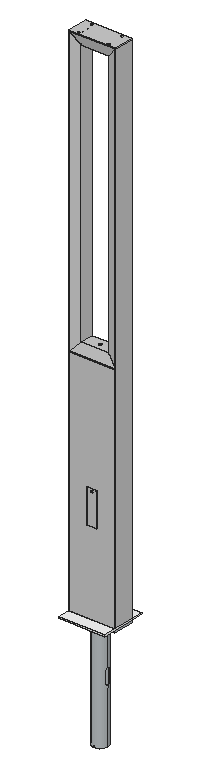
Revit family "BE_99075_de_DE", category Leuchten, Revit 2015 (continued)
Definition of nested family "BE_99075"
  Automatic sketch dimensions
    plane 1 "Mitte (Oben/Unten)" to Extrusion 27 sketch curve = 90 mm
    Extrusion 27 sketch curve to Extrusion 27 sketch curve = 5.271 mm  (x2)
    plane 1 "Mitte (Oben/Unten)" to Extrusion 27 sketch curve = 60 mm
    Extrusion 27 sketch curve to plane 1 "Mitte (Oben/Unten)" = 60 mm
    Extrusion 27 sketch curve to Extrusion 27 sketch curve = 24.729 mm
    level to Extrusion 27 sketch curve = 4410 mm
    Extrusion 27 sketch curve to Extrusion 27 sketch curve = 0 mm
    Extrusion 27 sketch curve to Extrusion 27 sketch curve = 15.811 mm  (x2)
    Extrusion 27 sketch curve to Extrusion 27 sketch curve = 74.189 mm  (x2)
    Extrusion 28 sketch curve to plane 3 "Mitte (Links/Rechts)" = 200.3 mm
    plane 3 "Mitte (Links/Rechts)" to Extrusion 28 sketch curve = 200.3 mm
    level to Extrusion 28 sketch curve = 4500 mm
    Extrusion 28 sketch curve to Extrusion 28 sketch curve = 8 mm
    Extrusion 29 sketch curve to plane 1 "Mitte (Oben/Unten)" = 90 mm
    Extrusion 29 sketch curve to Extrusion 29 sketch curve = 4.5 mm  (x2)
    Extrusion 29 sketch curve to Extrusion 29 sketch curve = 4.2 mm
    Extrusion 29 sketch curve to Extrusion 29 sketch curve = 4.781 mm  (x2)
    Extrusion 29 sketch curve to plane 1 "Mitte (Oben/Unten)" = 60 mm
    Extrusion 29 sketch curve to Extrusion 29 sketch curve = 5 mm  (x2)
    plane 1 "Mitte (Oben/Unten)" to Extrusion 29 sketch curve = 55 mm
    Extrusion 29 sketch curve to Extrusion 29 sketch curve = 25.719 mm
    Extrusion 29 sketch curve to Extrusion 29 sketch curve = 0.582 mm
    Extrusion 29 sketch curve to level = 2100.2 mm
    Extrusion 29 sketch curve to Extrusion 29 sketch curve = 12 mm
    Extrusion 29 sketch curve to Extrusion 29 sketch curve = 68.075 mm  (x2)
    Extrusion 29 sketch curve to Extrusion 29 sketch curve = 8.27 mm  (x2)
    Extrusion 29 sketch curve to Extrusion 29 sketch curve = 1.654 mm  (x2)
    Extrusion 29 sketch curve to Extrusion 29 sketch curve = 15 mm  (x2)
    Extrusion 30 sketch curve to level = 0 mm  (x2)
    plane 1 "Mitte (Oben/Unten)" to Extrusion 30 sketch curve = 90 mm
    Extrusion 30 sketch curve to Extrusion 30 sketch curve = 4 mm  (x2)
    Extrusion 30 sketch curve to plane 1 "Mitte (Oben/Unten)" = 86 mm
    Extrusion 30 sketch curve to Extrusion 30 sketch curve = 2010 mm
    Extrusion 30 sketch curve to Extrusion 30 sketch curve = 0 mm
    Sweep 31 sketch curve to plane 3 "Mitte (Links/Rechts)" = 119.7 mm
    plane 3 "Mitte (Links/Rechts)" to Sweep 31 sketch curve = 119.7 mm
    plane 1 "Mitte (Oben/Unten)" to Sweep 31 sketch curve = 60 mm
    Sweep 31 sketch curve to plane 1 "Mitte (Oben/Unten)" = 60 mm
    Sweep 31 sketch curve to profile plane = 0 mm
    profile plane to Sweep 31 sketch curve = 7.244 mm
    Sweep 31 sketch curve to Sweep 31 sketch curve = 1.456 mm
    Sweep 31 sketch curve to Sweep 31 sketch curve = 4.326 mm
    Sweep 31 sketch curve to Sweep 31 sketch curve = 4.5 mm
    level to Sweep 31 sketch curve = 4410 mm
    Sweep 31 sketch curve to Sweep 31 sketch curve = 4 mm
    Sweep 31 sketch curve to Sweep 31 sketch curve = 5 mm
    Extrusion 32 sketch curve to plane 3 "Mitte (Links/Rechts)" = 44.984 mm
    Extrusion 32 sketch curve to plane 3 "Mitte (Links/Rechts)" = 41 mm
    Extrusion 32 sketch curve to Extrusion 32 sketch curve = 3.984 mm  (x4)
    Extrusion 32 sketch curve to Extrusion 32 sketch curve = 0.353 mm  (x2)
    plane 3 "Mitte (Links/Rechts)" to Extrusion 32 sketch curve = 41 mm  (x2)
    Extrusion 32 sketch curve to Extrusion 32 sketch curve = 0.012 mm
    level to Extrusion 32 sketch curve = 720.587 mm
    Extrusion 32 sketch curve to Extrusion 32 sketch curve = 0.016 mm
    Extrusion 32 sketch curve to Extrusion 32 sketch curve = 4 mm
    Extrusion 32 sketch curve to Extrusion 32 sketch curve = 287.292 mm
    Extrusion 32 sketch curve to Extrusion 32 sketch curve = 0.354 mm  (x2)
    Extrusion 32 sketch curve to Extrusion 32 sketch curve = 0 mm  (x6)
    plane 1 "Mitte (Oben/Unten)" to Revolve 33 sketch curve = 90 mm
    Revolve 33 sketch curve to Revolve 33 sketch curve = 18 mm
    Revolve 33 sketch curve to Revolve 33 sketch curve = 0.498 mm
    Revolve 33 sketch curve to Revolve 33 sketch curve = 0.5 mm
    Revolve 33 sketch curve to Revolve 33 sketch curve = 3.5 mm
    level to Revolve 33 sketch curve = 999.85 mm
    Revolve 33 sketch curve to Revolve 33 sketch curve = 0.031 mm
    Revolve 33 sketch curve to Revolve 33 sketch curve = 3.469 mm
    Revolve 33 sketch curve to Revolve 33 sketch curve = 0.124 mm
    Revolve 33 sketch curve to Revolve 33 sketch curve = 0.314 mm
    Revolve 33 sketch curve to Revolve 33 sketch curve = 3 mm
    Revolve 33 sketch curve to Revolve 33 sketch curve = 2.971 mm
    Revolve 33 sketch curve to Revolve 33 sketch curve = 0 mm  (x3)
    Revolve 33 sketch curve to Revolve 33 sketch curve = 8.618 mm
    Revolve 33 sketch curve to Revolve 33 sketch curve = 9.064 mm
Types (4, lengths in mm): name | built-in parameter 1150104 | built-in parameter 1150134 | Modell | M_G | M_A | built-in parameter 1150105 | Lumens | Leuchtenlichtstrom | Lampenlichtstrom | LED_Modulbezeichnung | built-in parameter 1150142 | Farbtemperatur | Datei für fotometrisches Netz | Bestellnummer | built-in parameter 1150106 | built-in parameter 1150107
  BEGA_99075_Silber_K3 | 16.775 (stored number, unit not read) | (empty or 0) | "99075AK3" | no | yes | 510.08 (stored number, unit not read) | 6409.88 lm | "3615 lm" | "6410 lm" | "LED-0315/830" | "IESNA:LM-63-1995\r\n[TEST] \r\n[MANUFAC] BEGA\r\n[MORE] Converted by LUMCat V \r\n[MORE] 07.12.2016 / H.R.\r\n[LUMCAT] \r\n[LUMINAIRE] 99075K3 0°\r\n[LAMPCAT] LED  35,5W\r\n[LAMPCAT] LED  35,5W    3615 lm,   42 W\r\n[LAMP] LED  35,5W\r\nTILT=NONE\r\n1    3615 1.0 73 19 1 2 0.100 0.220 0.000\r\n1.0 1.0 42\r\n   0.0   2.5   5.0   7.5  10.0  12.5  15.0  17.5  20.0  22.5  25.0  27.5  30.0\r\n  32.5  35.0  37.5  40.0  42.5  45.0  47.5  50.0  52.5  55.0  57.5  60.0  62.5\r\n  65.0  67.5  70.0  72.5  75.0  77.5  80.0  82.5  85.0  87.5  90.0  92.5  95.0\r\n  97.5 100.0 102.5 105.0 107.5 110.0 112.5 115.0 117.5 120.0 122.5 125.0 127.5\r\n 130.0 132.5 135.0 137.5 140.0 142.5 145.0 147.5 150.0 152.5 155.0 157.5 160.0\r\n 162.5 165.0 167.5 170.0 172.5 175.0 177.5 180.0\r\n   0.0   5.0  10.0  15.0  20.0  25.0  30.0  35.0  40.0  45.0  50.0  55.0  60.0\r\n  65.0  70.0  75.0  80.0  85.0  90.0\r\n       2.9       6.6     132.9     452.5     554.3     376.1     194.1      65.7\r\n      39.3      34.3      30.3      24.0      18.3      13.9      10.3       7.6\r\n       5.6       4.2       3.2       2.3       1.6       1.1       0.6       0.3\r\n       0.2       0.1       0.0       0.1       0.1       0.0       0.1       0.0\r\n       0.1       0.0       0.1       0.1       0.0       0.1       0.1       0.0\r\n       0.1       0.1       0.0       0.0       0.0       0.0       0.0       0.0\r\n       0.0       0.0       0.0       0.0       0.0       0.0       0.1       0.0\r\n       0.0       0.0       0.0       0.0       0.0       0.0       0.1       0.0\r\n       0.1       0.1       0.1       0.1       0.1       0.1       0.1       0.3\r\n       0.3\r\n       2.9       6.6     137.3     481.2     601.8     410.8     214.3      77.2\r\n      45.4      38.3      33.4      26.9      21.0      15.8      12.0       8.9\r\n       6.7       5.0       3.8       2.9       2.1       1.6       1.0       0.7\r\n       0.5       0.4       0.3       0.3       0.3       0.2       0.2       0.2\r\n       0.1       0.1       0.1       0.1       0.1       0.1       0.1       0.1\r\n       0.1       0.1       0.1       0.1       0.1       0.1       0.1       0.1\r\n       0.1       0.1       0.0       0.0       0.0       0.0       0.0       0.1\r\n       0.0       0.0       0.1       0.0       0.0       0.0       0.0       0.0\r\n       0.1       0.1       0.1       0.1       0.1       0.1       0.1       0.3\r\n       0.3\r\n       2.9       6.7     150.2     568.2     740.3     532.9     297.1     137.5\r\n      80.7      60.4      50.8      41.9      35.0      29.4      24.8      21.0\r\n      17.9      15.4      13.2      11.5      10.3       9.3       8.4       7.6\r\n       6.9       6.3       5.8       5.6       5.2       4.8       4.4       4.2\r\n       3.9       3.7       3.4       3.2       3.0       2.8       2.6       2.4\r\n       2.3       2.2       2.2       2.0       1.9       1.8       1.6       1.5\r\n       1.3       1.1       0.9       0.7       0.4       0.3       0.2       0.1\r\n       0.1       0.1       0.1       0.0       0.0       0.1       0.0       0.1\r\n       0.1       0.1       0.0       0.0       0.1       0.1       0.1       0.3\r\n       0.3\r\n       2.9       6.8     170.3     700.6     950.2     748.7     484.2     311.3\r\n     223.8     176.3     145.9     119.6      98.0      81.9      68.9      58.7\r\n      50.4      43.5      37.2      32.4      28.5      25.3      22.7      20.5\r\n      18.6      17.1      15.7      14.6      13.4      12.4      11.6      10.7\r\n       9.8       9.0       8.3       7.6       7.1       6.7       6.0       5.7\r\n       5.2       4.7       4.4       4.0       3.7       3.3       3.0       2.9\r\n       2.7       2.5       2.3       1.9       1.6       1.4       1.2       0.9\r\n       0.6       0.4       0.3       0.2       0.1       0.1       0.1       0.1\r\n       0.1       0.1       0.1       0.0       0.1       0.1       0.1       0.3\r\n       0.3\r\n       2.9       6.9     194.2     855.8    1211.6    1059.7     806.0     659.3\r\n     565.7     507.8     449.6     388.9     330.3     278.9     233.5     196.6\r\n     164.3     136.9     112.9      92.2      74.0      59.1      47.6      38.9\r\n      32.5      28.5      25.8      23.5      21.5      19.9      18.3      16.8\r\n      15.5      14.2      12.9      11.7      11.0      10.3       9.6       8.8\r\n       8.0       7.1       6.4       5.9       5.4       4.9       4.4       4.0\r\n       3.6       3.3       3.1       2.8       2.5       2.2       2.0       1.7\r\n       1.4       1.1       0.8       0.6       0.4       0.3       0.2       0.3\r\n       0.1       0.1       0.1       0.1       0.1       0.1       0.1       0.3\r\n       0.3\r\n       2.9       7.0     218.9    1021.6    1505.4    1410.8    1186.5    1056.9\r\n     957.4     880.3     798.6     714.5     629.9     551.0     477.8     412.1\r\n     353.6     300.8     253.0     210.2     171.2     136.3     106.6      82.0\r\n      62.6      48.5      38.6      31.9      28.2      25.4      23.1      21.0\r\n      19.3      17.3      15.9      14.4      13.5      12.4      11.6      10.5\r\n       9.6       8.9       8.0       7.4       6.7       6.0       5.5       5.1\r\n       4.6       4.2       3.9       3.5       3.1       2.8       2.5       2.1\r\n       2.0       1.7       1.4       1.1       0.8       0.7       0.5       0.5\r\n       0.4       0.4       0.3       0.2       0.1       0.1       0.2       0.3\r\n       0.3\r\n       2.9       7.0     243.0    1189.7    1793.5    1737.2    1553.6    1445.7\r\n    1356.1    1261.3    1156.7    1047.8     937.4     833.4     735.9     643.3\r\n     560.4     483.8     413.2     349.2     289.5     235.9     189.7     150.2\r\n     117.7      91.7      70.8      54.3      42.8      34.1      27.9      23.7\r\n      20.6      18.0      16.1      14.5      13.4      12.6      11.5      10.8\r\n       9.9       9.1       8.4       7.9       7.3       6.6       6.1       5.5\r\n       5.0       4.6       4.2       3.9       3.5       3.1       2.8       2.5\r\n       2.2       2.0       1.8       1.6       1.2       1.0       0.9       0.8\r\n       0.7       0.7       0.5       0.4       0.2       0.1       0.2       0.3\r\n       0.3\r\n       2.9       7.0     265.5    1344.6    2046.0    2024.4    1893.5    1800.0\r\n    1707.0    1600.8    1485.1    1363.3    1238.1    1113.9     992.2     874.4\r\n     767.5     668.0     577.3     495.2     420.8     353.3     294.7     243.5\r\n     199.4     162.9     131.4     104.5      82.3      64.5      50.1      38.9\r\n      30.0      22.8      18.0      14.6      12.9      11.7      10.8      10.0\r\n       9.4       8.8       8.2       7.6       7.2       6.6       6.2       5.7\r\n       5.2       4.7       4.4       4.1       3.7       3.3       3.0       2.8\r\n       2.6       2.1       2.0       1.8       1.6       1.3       1.1       1.0\r\n       0.9       0.9       0.8       0.6       0.3       0.2       0.2       0.3\r\n       0.3\r\n       2.9       6.8     284.6    1471.3    2256.5    2265.9    2183.2    2112.0\r\n    2030.4    1931.6    1813.8    1685.0    1549.2    1414.5    1283.5    1154.8\r\n    1028.6     908.7     792.7     685.9     586.1     499.4     425.7     359.0\r\n     302.1     253.5     211.0     173.7     141.6     113.8      89.9      68.6\r\n      50.5      35.5      23.6      15.7      11.9      11.0      10.1       9.4\r\n       8.9       8.4       7.9       7.2       6.7       6.3       6.0       5.5\r\n       5.1       4.7       4.4       4.0       3.7       3.4       3.1       2.8\r\n       2.6       2.3       2.1       1.9       1.7       1.5       1.3       1.3\r\n       1.1       1.1       1.0       0.9       0.5       0.3       0.2       0.3\r\n       0.3\r\n       2.9       6.7     297.9    1572.2    2422.3    2464.8    2410.3    2342.8\r\n    2259.1    2163.7    2061.4    1948.8    1831.5    1707.1    1577.3    1437.7\r\n    1295.2    1152.4    1010.6     880.0     761.1     656.2     561.6     480.3\r\n     408.6     346.2     290.9     242.5     199.4     161.1     126.5      97.3\r\n      70.8      48.2      29.8      17.4      11.8      10.4       9.4       8.7\r\n       8.1       7.8       7.5       6.8       6.3       6.1       5.6       5.4\r\n       5.0       4.7       4.3       3.9       3.8       3.5       3.1       2.8\r\n       2.5       2.3       2.2       2.0       1.7       1.5       1.4       1.4\r\n       1.3       1.3       1.2       1.1       0.7       0.3       0.2       0.3\r\n       0.3\r\n       2.9       6.5     303.7    1656.9    2546.9    2616.9    2575.7    2515.9\r\n    2442.6    2356.8    2256.2    2158.3    2051.9    1921.8    1779.5    1624.1\r\n    1465.8    1309.1    1160.3    1026.7     903.9     790.1     692.1     600.3\r\n     518.9     445.9     378.6     318.0     263.1     212.5     167.8     127.8\r\n      91.3      59.9      35.7      18.7      11.1       9.8       8.5       7.9\r\n       7.6       7.1       6.8       6.5       6.1       5.6       5.2       4.9\r\n       4.4       4.3       4.1       3.7       3.4       3.2       3.0       2.7\r\n       2.6       2.3       2.1       1.8       1.7       1.6       1.5       1.4\r\n       1.3       1.3       1.3       1.3       0.9       0.4       0.2       0.3\r\n       0.3\r\n       2.9       6.3     302.0    1723.3    2636.3    2716.9    2681.2    2635.3\r\n    2570.0    2498.8    2428.1    2337.4    2210.9    2060.6    1895.9    1729.8\r\n    1562.3    1402.7    1258.3    1127.2    1005.5     893.9     789.5     692.7\r\n     602.7     518.4     440.6     368.1     302.9     244.1     191.5     144.9\r\n     103.2      67.6      39.0      19.2      10.2       8.9       7.7       7.0\r\n       6.6       6.3       5.9       5.6       5.4       5.0       4.8       4.6\r\n       4.3       4.0       3.8       3.5       3.3       3.1       2.9       2.7\r\n       2.4       2.1       1.9       1.8       1.6       1.5       1.4       1.4\r\n       1.4       1.3       1.4       1.5       1.2       0.5       0.3       0.3\r\n       0.3\r\n       2.9       6.1     295.3    1765.5    2703.5    2777.7    2748.5    2702.0\r\n    2651.3    2596.9    2534.2    2430.1    2290.9    2132.1    1962.8    1791.7\r\n    1626.4    1475.6    1335.2    1199.8    1073.3     951.4     838.8     732.3\r\n     634.1     543.4     459.9     382.4     314.3     252.5     198.4     149.0\r\n     105.4      68.3      38.9      18.5       9.6       8.3       6.9       6.0\r\n       5.8       5.5       5.2       5.0       4.7       4.4       4.3       4.0\r\n       3.8       3.7       3.4       3.1       3.0       2.8       2.5       2.3\r\n       2.2       2.0       1.8       1.6       1.6       1.4       1.3       1.3\r\n       1.4       1.4       1.4       1.6       1.3       0.7       0.3       0.3\r\n       0.3\r\n       2.9       6.0     286.4    1785.2    2749.9    2819.8    2792.1    2753.9\r\n    2709.2    2674.4    2598.3    2469.8    2321.5    2154.0    1985.4    1817.2\r\n    1663.6    1516.5    1375.1    1239.7    1107.3     980.7     860.7     747.9\r\n     643.5     547.7     460.1     381.2     311.5     249.3     193.7     143.6\r\n     100.6      64.5      36.4      16.7       8.3       7.2       5.9       5.0\r\n       4.7       4.5       4.3       4.2       3.9       3.8       3.6       3.4\r\n       3.2       3.1       2.9       2.7       2.6       2.4       2.3       2.2\r\n       1.9       1.8       1.6       1.6       1.4       1.2       1.2       1.2\r\n       1.3       1.3       1.4       1.6       1.4       0.8       0.3       0.3\r\n       0.3\r\n       2.9       5.9     277.4    1793.4    2771.4    2839.2    2813.7    2777.7\r\n    2748.3    2715.8    2617.1    2482.6    2325.2    2154.2    1988.5    1826.9\r\n    1679.2    1531.0    1388.7    1246.4    1104.2     974.5     850.8     736.8\r\n     628.9     531.1     443.7     365.3     296.7     231.6     176.6     129.8\r\n      89.8      57.1      32.1      15.1       7.4       6.3       5.2       4.1\r\n       3.8       3.7       3.6       3.4       3.3       3.1       3.0       2.7\r\n       2.6       2.5       2.5       2.4       2.2       2.1       1.9       1.8\r\n       1.7       1.5       1.4       1.2       1.1       1.0       1.1       1.1\r\n       1.2       1.3       1.4       1.6       1.6       0.9       0.4       0.3\r\n       0.3\r\n       2.9       5.8     269.5    1799.4    2780.8    2843.5    2821.6    2793.7\r\n    2771.3    2732.6    2625.0    2480.6    2317.6    2150.9    1988.1    1834.7\r\n    1684.6    1536.6    1387.7    1238.5    1100.1     965.6     841.5     721.9\r\n     613.7     517.3     428.9     349.6     276.2     214.8     160.5     116.8\r\n      80.3      50.5      28.4      13.1       6.5       5.3       4.2       3.0\r\n       2.9       2.8       2.7       2.5       2.4       2.4       2.3       2.2\r\n       2.0       2.0       1.9       1.8       1.7       1.6       1.5       1.4\r\n       1.3       1.2       1.0       1.0       0.9       0.9       0.9       0.9\r\n       1.0       1.2       1.3       1.6       1.6       1.0       0.4       0.3\r\n       0.3\r\n       2.9       5.7     263.1    1802.3    2786.6    2845.3    2824.9    2802.0\r\n    2789.0    2744.0    2624.1    2477.0    2315.9    2147.5    1987.9    1836.7\r\n    1687.4    1536.8    1383.6    1235.1    1093.2     958.3     833.0     713.9\r\n     605.7     506.6     417.2     332.8     261.0     199.8     149.3     107.5\r\n      74.3      46.5      25.6      11.6       5.4       4.4       3.3       2.1\r\n       1.8       1.8       1.8       1.7       1.6       1.6       1.4       1.4\r\n       1.2       1.4       1.3       1.2       1.1       1.0       0.9       0.9\r\n       0.8       0.7       0.7       0.7       0.7       0.6       0.7       0.7\r\n       0.9       1.1       1.2       1.5       1.6       1.0       0.4       0.3\r\n       0.3\r\n       2.9       5.6     259.1    1801.3    2787.1    2844.8    2827.5    2805.5\r\n    2796.1    2740.6    2622.9    2472.7    2307.0    2141.5    1988.1    1835.9\r\n    1684.4    1533.6    1378.7    1228.3    1087.9     954.2     827.1     708.0\r\n     598.7     500.5     405.3     322.1     249.3     190.9     140.9     102.4\r\n      69.1      42.5      23.3      10.2       4.2       3.2       2.2       1.2\r\n       0.9       0.8       0.8       0.8       0.7       0.7       0.6       0.6\r\n       0.6       0.5       0.5       0.5       0.5       0.4       0.4       0.4\r\n       0.3       0.3       0.3       0.3       0.4       0.4       0.5       0.7\r\n       0.8       1.0       1.2       1.5       1.7       1.1       0.4       0.3\r\n       0.3\r\n       2.9       5.6     257.7    1800.9    2785.7    2841.4    2824.7    2803.7\r\n    2796.5    2741.2    2615.0    2466.7    2305.1    2138.2    1984.9    1835.5\r\n    1683.6    1527.9    1375.5    1237.6    1086.1     946.2     822.2     703.2\r\n     594.2     495.7     399.5     317.3     246.4     186.8     137.8      99.6\r\n      66.3      40.7      22.2       8.8       3.0       2.2       1.3       0.2\r\n       0.1       0.1       0.1       0.1       0.1       0.1       0.1       0.1\r\n       0.1       0.1       0.1       0.1       0.1       0.1       0.1       0.1\r\n       0.1       0.1       0.1       0.1       0.1       0.2       0.4       0.6\r\n       0.8       1.0       1.2       1.5       1.7       1.1       0.4       0.2\r\n       0.3\r\n" | "3000 K" | "BE_99075K3_0deg.IES" | "99075AK3" | 5.1008 (stored number, unit not read) | 3000 (stored number, unit not read)
  BEGA_99075_Silber_K4 | 17.168 (stored number, unit not read) | 12 | "99075A" | no | yes | 522.03 (stored number, unit not read) | 6560.05 lm | "3700 lm" | "6560 lm" | "LED-0315/840" | "IESNA:LM-63-1995\r\n[TEST] \r\n[MANUFAC] BEGA\r\n[MORE] Converted by LUMCat V \r\n[MORE] 07.12.2016 / H.R.\r\n[LUMCAT] \r\n[LUMINAIRE] 99075 0°\r\n[LAMPCAT] LED  35,5W\r\n[LAMPCAT] LED  35,5W    3700 lm,   42 W\r\n[LAMP] LED  35,5W\r\nTILT=NONE\r\n1    3700 1.0 73 19 1 2 0.100 0.220 0.000\r\n1.0 1.0 42\r\n   0.0   2.5   5.0   7.5  10.0  12.5  15.0  17.5  20.0  22.5  25.0  27.5  30.0\r\n  32.5  35.0  37.5  40.0  42.5  45.0  47.5  50.0  52.5  55.0  57.5  60.0  62.5\r\n  65.0  67.5  70.0  72.5  75.0  77.5  80.0  82.5  85.0  87.5  90.0  92.5  95.0\r\n  97.5 100.0 102.5 105.0 107.5 110.0 112.5 115.0 117.5 120.0 122.5 125.0 127.5\r\n 130.0 132.5 135.0 137.5 140.0 142.5 145.0 147.5 150.0 152.5 155.0 157.5 160.0\r\n 162.5 165.0 167.5 170.0 172.5 175.0 177.5 180.0\r\n   0.0   5.0  10.0  15.0  20.0  25.0  30.0  35.0  40.0  45.0  50.0  55.0  60.0\r\n  65.0  70.0  75.0  80.0  85.0  90.0\r\n       3.0       6.7     136.0     463.2     567.3     384.9     198.6      67.3\r\n      40.3      35.1      31.0      24.6      18.7      14.2      10.5       7.8\r\n       5.8       4.3       3.3       2.4       1.7       1.1       0.6       0.3\r\n       0.2       0.1       0.0       0.1       0.1       0.0       0.1       0.0\r\n       0.1       0.0       0.1       0.1       0.0       0.1       0.1       0.0\r\n       0.1       0.1       0.0       0.0       0.0       0.0       0.0       0.0\r\n       0.0       0.0       0.0       0.0       0.0       0.0       0.1       0.0\r\n       0.0       0.0       0.0       0.0       0.0       0.0       0.1       0.0\r\n       0.1       0.1       0.1       0.1       0.1       0.1       0.1       0.3\r\n       0.3\r\n       3.0       6.8     140.5     492.5     615.9     420.5     219.4      79.0\r\n      46.5      39.2      34.2      27.6      21.5      16.2      12.2       9.1\r\n       6.8       5.1       3.9       2.9       2.1       1.6       1.0       0.7\r\n       0.5       0.4       0.3       0.3       0.3       0.2       0.2       0.2\r\n       0.1       0.1       0.1       0.1       0.1       0.1       0.1       0.1\r\n       0.1       0.1       0.1       0.1       0.1       0.1       0.1       0.1\r\n       0.1       0.1       0.0       0.0       0.0       0.0       0.0       0.1\r\n       0.0       0.0       0.1       0.0       0.0       0.0       0.0       0.0\r\n       0.1       0.1       0.1       0.1       0.1       0.1       0.1       0.3\r\n       0.3\r\n       3.0       6.8     153.8     581.6     757.7     545.4     304.1     140.7\r\n      82.5      61.8      52.0      42.9      35.8      30.1      25.4      21.5\r\n      18.3      15.8      13.5      11.8      10.5       9.5       8.6       7.7\r\n       7.1       6.4       6.0       5.7       5.3       4.9       4.6       4.3\r\n       4.0       3.7       3.5       3.3       3.1       2.9       2.7       2.5\r\n       2.4       2.3       2.2       2.0       2.0       1.9       1.6       1.5\r\n       1.3       1.1       0.9       0.7       0.4       0.3       0.2       0.1\r\n       0.1       0.1       0.1       0.0       0.0       0.1       0.0       0.1\r\n       0.1       0.1       0.0       0.0       0.1       0.1       0.1       0.3\r\n       0.3\r\n       3.0       7.0     174.3     717.1     972.5     766.3     495.5     318.6\r\n     229.1     180.4     149.3     122.4     100.3      83.8      70.6      60.1\r\n      51.6      44.5      38.1      33.1      29.1      25.9      23.2      20.9\r\n      19.1      17.5      16.1      14.9      13.7      12.7      11.8      11.0\r\n      10.0       9.2       8.5       7.8       7.3       6.8       6.2       5.9\r\n       5.4       4.8       4.5       4.1       3.7       3.4       3.1       3.0\r\n       2.8       2.5       2.4       2.0       1.7       1.4       1.3       0.9\r\n       0.6       0.4       0.3       0.2       0.1       0.1       0.1       0.1\r\n       0.1       0.1       0.1       0.0       0.1       0.1       0.1       0.3\r\n       0.3\r\n       3.0       7.1     198.8     875.9    1240.1    1084.6     824.9     674.8\r\n     579.0     519.7     460.1     398.1     338.1     285.5     239.0     201.2\r\n     168.2     140.1     115.6      94.4      75.7      60.5      48.7      39.8\r\n      33.3      29.2      26.4      24.1      22.0      20.4      18.7      17.2\r\n      15.9      14.5      13.2      12.0      11.2      10.5       9.8       9.0\r\n       8.1       7.3       6.5       6.0       5.5       5.0       4.6       4.1\r\n       3.7       3.4       3.1       2.8       2.6       2.3       2.0       1.7\r\n       1.4       1.1       0.9       0.6       0.4       0.3       0.2       0.3\r\n       0.1       0.1       0.1       0.1       0.1       0.1       0.1       0.3\r\n       0.3\r\n       3.0       7.2     224.1    1045.6    1540.8    1444.0    1214.4    1081.8\r\n     979.9     901.0     817.4     731.3     644.7     564.0     489.1     421.8\r\n     361.9     307.9     258.9     215.2     175.2     139.5     109.1      83.9\r\n      64.1      49.6      39.6      32.6      28.9      26.0      23.6      21.5\r\n      19.8      17.7      16.3      14.8      13.8      12.7      11.8      10.8\r\n       9.8       9.1       8.2       7.5       6.9       6.1       5.6       5.2\r\n       4.7       4.3       4.0       3.6       3.2       2.9       2.6       2.1\r\n       2.0       1.7       1.4       1.1       0.9       0.7       0.6       0.5\r\n       0.4       0.4       0.3       0.2       0.1       0.1       0.2       0.3\r\n       0.3\r\n       3.0       7.2     248.7    1217.6    1835.6    1778.0    1590.1    1479.7\r\n    1388.0    1291.0    1183.9    1072.5     959.4     853.0     753.2     658.5\r\n     573.6     495.2     422.9     357.4     296.3     241.5     194.1     153.7\r\n     120.5      93.9      72.4      55.6      43.8      34.9      28.6      24.2\r\n      21.1      18.5      16.4      14.9      13.8      12.9      11.8      11.1\r\n      10.2       9.4       8.6       8.1       7.4       6.8       6.3       5.6\r\n       5.1       4.7       4.3       4.0       3.6       3.2       2.8       2.6\r\n       2.3       2.0       1.9       1.6       1.2       1.0       0.9       0.8\r\n       0.7       0.7       0.5       0.4       0.2       0.1       0.2       0.3\r\n       0.3\r\n       3.0       7.1     271.7    1376.2    2094.1    2072.0    1938.1    1842.3\r\n    1747.1    1638.5    1520.0    1395.3    1267.2    1140.1    1015.6     895.0\r\n     785.5     683.7     590.9     506.9     430.7     361.6     301.7     249.2\r\n     204.1     166.7     134.5     106.9      84.2      66.0      51.3      39.8\r\n      30.7      23.4      18.4      14.9      13.2      12.0      11.1      10.3\r\n       9.7       9.0       8.4       7.8       7.3       6.8       6.4       5.9\r\n       5.3       4.8       4.5       4.2       3.7       3.3       3.1       2.8\r\n       2.6       2.2       2.1       1.8       1.6       1.3       1.1       1.1\r\n       0.9       1.0       0.8       0.6       0.3       0.2       0.2       0.3\r\n       0.3\r\n       3.0       7.0     291.3    1505.9    2309.6    2319.2    2234.6    2161.7\r\n    2078.1    1977.0    1856.4    1724.6    1585.6    1447.8    1313.6    1182.0\r\n    1052.8     930.1     811.3     702.1     599.8     511.2     435.7     367.5\r\n     309.2     259.4     215.9     177.8     144.9     116.4      92.1      70.3\r\n      51.7      36.4      24.2      16.0      12.2      11.3      10.4       9.7\r\n       9.1       8.5       8.1       7.4       6.9       6.4       6.1       5.6\r\n       5.2       4.8       4.5       4.1       3.8       3.4       3.1       2.8\r\n       2.6       2.4       2.1       1.9       1.7       1.6       1.3       1.3\r\n       1.1       1.1       1.1       0.9       0.5       0.3       0.2       0.3\r\n       0.3\r\n       3.0       6.8     305.0    1609.2    2479.3    2522.7    2466.9    2397.9\r\n    2312.2    2214.6    2109.9    1994.6    1874.5    1747.3    1614.4    1471.5\r\n    1325.7    1179.5    1034.3     900.7     779.0     671.6     574.8     491.6\r\n     418.2     354.3     297.7     248.2     204.1     164.9     129.5      99.6\r\n      72.5      49.3      30.5      17.8      12.1      10.7       9.6       8.9\r\n       8.3       8.0       7.7       7.0       6.5       6.3       5.7       5.5\r\n       5.1       4.8       4.4       4.0       3.8       3.6       3.2       2.9\r\n       2.6       2.4       2.3       2.0       1.8       1.6       1.5       1.4\r\n       1.4       1.3       1.3       1.1       0.7       0.3       0.2       0.3\r\n       0.3\r\n       3.0       6.6     310.8    1695.8    2606.8    2678.4    2636.2    2575.0\r\n    2500.0    2412.3    2309.2    2209.0    2100.1    1967.0    1821.4    1662.3\r\n    1500.3    1339.9    1187.6    1050.8     925.1     808.7     708.4     614.4\r\n     531.1     456.4     387.5     325.5     269.2     217.5     171.8     130.8\r\n      93.4      61.3      36.6      19.2      11.4      10.0       8.7       8.1\r\n       7.7       7.3       7.0       6.6       6.2       5.7       5.4       5.0\r\n       4.6       4.4       4.2       3.8       3.5       3.3       3.1       2.8\r\n       2.6       2.3       2.1       1.9       1.7       1.6       1.5       1.5\r\n       1.4       1.4       1.4       1.4       1.0       0.4       0.2       0.3\r\n       0.3\r\n       3.0       6.5     309.1    1763.8    2698.3    2780.8    2744.3    2697.2\r\n    2630.4    2557.5    2485.2    2392.4    2262.8    2109.1    1940.5    1770.5\r\n    1599.0    1435.7    1287.9    1153.7    1029.2     914.9     808.1     709.0\r\n     616.9     530.6     451.0     376.8     310.1     249.8     196.0     148.3\r\n     105.6      69.2      40.0      19.6      10.4       9.1       7.9       7.1\r\n       6.8       6.4       6.0       5.8       5.6       5.1       5.0       4.7\r\n       4.4       4.1       3.8       3.6       3.4       3.1       2.9       2.7\r\n       2.4       2.1       2.0       1.9       1.6       1.6       1.5       1.4\r\n       1.4       1.4       1.4       1.5       1.2       0.6       0.3       0.3\r\n       0.3\r\n       3.0       6.3     302.3    1807.0    2767.0    2843.0    2813.1    2765.5\r\n    2713.6    2658.0    2593.8    2487.2    2344.8    2182.2    2008.9    1833.9\r\n    1664.7    1510.3    1366.6    1228.0    1098.5     973.8     858.5     749.5\r\n     649.0     556.1     470.7     391.4     321.6     258.5     203.1     152.5\r\n     107.9      69.9      39.8      18.9       9.8       8.5       7.1       6.1\r\n       5.9       5.6       5.3       5.1       4.8       4.6       4.4       4.1\r\n       3.8       3.7       3.5       3.1       3.0       2.9       2.5       2.4\r\n       2.2       2.0       1.9       1.6       1.6       1.4       1.4       1.4\r\n       1.4       1.4       1.4       1.6       1.3       0.7       0.3       0.3\r\n       0.3\r\n       3.0       6.2     293.1    1827.2    2814.6    2886.1    2857.7    2818.7\r\n    2772.9    2737.3    2659.4    2527.8    2376.1    2204.6    2032.1    1859.9\r\n    1702.7    1552.2    1407.5    1268.8    1133.3    1003.8     880.9     765.5\r\n     658.7     560.6     470.9     390.1     318.9     255.2     198.2     147.0\r\n     102.9      66.0      37.2      17.1       8.5       7.4       6.0       5.1\r\n       4.8       4.6       4.4       4.3       4.0       3.9       3.7       3.4\r\n       3.3       3.1       3.0       2.8       2.6       2.4       2.4       2.2\r\n       2.0       1.8       1.7       1.6       1.4       1.2       1.2       1.2\r\n       1.3       1.3       1.4       1.6       1.5       0.8       0.3       0.3\r\n       0.3\r\n       3.0       6.0     283.9    1835.5    2836.6    2905.9    2879.8    2843.0\r\n    2812.9    2779.7    2678.7    2541.0    2379.9    2204.8    2035.3    1869.9\r\n    1718.7    1567.0    1421.3    1275.7    1130.2     997.4     870.8     754.2\r\n     643.7     543.6     454.2     373.8     303.7     237.0     180.8     132.9\r\n      91.9      58.5      32.9      15.5       7.6       6.4       5.3       4.2\r\n       3.9       3.8       3.7       3.5       3.4       3.1       3.1       2.8\r\n       2.7       2.6       2.6       2.4       2.3       2.1       2.0       1.8\r\n       1.8       1.6       1.4       1.2       1.1       1.1       1.1       1.1\r\n       1.2       1.3       1.4       1.6       1.6       0.9       0.4       0.3\r\n       0.3\r\n       3.0       5.9     275.8    1841.7    2846.2    2910.4    2887.9    2859.4\r\n    2836.5    2796.8    2686.8    2538.9    2372.1    2201.5    2034.8    1877.8\r\n    1724.2    1572.7    1420.3    1267.7    1126.0     988.3     861.3     738.9\r\n     628.1     529.4     439.0     357.8     282.7     219.9     164.2     119.5\r\n      82.2      51.7      29.0      13.4       6.6       5.4       4.3       3.1\r\n       3.0       2.9       2.8       2.6       2.4       2.4       2.3       2.3\r\n       2.1       2.0       1.9       1.8       1.7       1.6       1.6       1.4\r\n       1.3       1.2       1.1       1.0       1.0       0.9       0.9       0.9\r\n       1.1       1.3       1.4       1.6       1.6       1.0       0.4       0.3\r\n       0.3\r\n       3.0       5.8     269.3    1844.6    2852.1    2912.2    2891.4    2867.8\r\n    2854.6    2808.5    2685.8    2535.2    2370.4    2198.0    2034.6    1879.9\r\n    1727.1    1573.0    1416.1    1264.1    1118.9     980.8     852.6     730.7\r\n     619.9     518.5     427.1     340.6     267.2     204.5     152.8     110.0\r\n      76.1      47.6      26.2      11.8       5.6       4.5       3.4       2.1\r\n       1.8       1.9       1.9       1.7       1.6       1.6       1.5       1.4\r\n       1.3       1.4       1.3       1.2       1.1       1.1       1.0       0.9\r\n       0.9       0.7       0.7       0.7       0.7       0.6       0.7       0.7\r\n       0.9       1.1       1.2       1.5       1.7       1.1       0.4       0.3\r\n       0.3\r\n       3.0       5.8     265.1    1843.6    2852.6    2911.7    2894.0    2871.5\r\n    2861.9    2805.0    2684.5    2530.8    2361.3    2191.8    2034.9    1879.0\r\n    1724.1    1569.7    1411.1    1257.2    1113.4     976.7     846.6     724.7\r\n     612.8     512.2     414.8     329.7     255.2     195.4     144.2     104.9\r\n      70.7      43.5      23.9      10.4       4.3       3.3       2.2       1.2\r\n       0.9       0.8       0.8       0.8       0.7       0.7       0.6       0.6\r\n       0.6       0.6       0.5       0.5       0.5       0.4       0.4       0.4\r\n       0.3       0.3       0.3       0.3       0.4       0.4       0.5       0.7\r\n       0.8       1.0       1.2       1.5       1.7       1.1       0.4       0.3\r\n       0.3\r\n       3.0       5.7     263.7    1843.2    2851.2    2908.2    2891.1    2869.6\r\n    2862.3    2805.7    2676.5    2524.7    2359.3    2188.5    2031.5    1878.6\r\n    1723.2    1563.8    1407.9    1266.7    1111.6     968.4     841.5     719.7\r\n     608.1     507.3     408.9     324.7     252.2     191.2     141.1     102.0\r\n      67.9      41.7      22.7       9.0       3.1       2.3       1.3       0.2\r\n       0.1       0.1       0.1       0.1       0.1       0.1       0.1       0.1\r\n       0.1       0.1       0.1       0.1       0.1       0.1       0.1       0.1\r\n       0.1       0.1       0.1       0.1       0.1       0.2       0.4       0.6\r\n       0.8       1.0       1.2       1.5       1.7       1.1       0.4       0.2\r\n       0.3\r\n" | "4000 K" | "BE_99075_0deg.IES" | "99075A" | 5.2203 (stored number, unit not read) | 4000 (stored number, unit not read)
